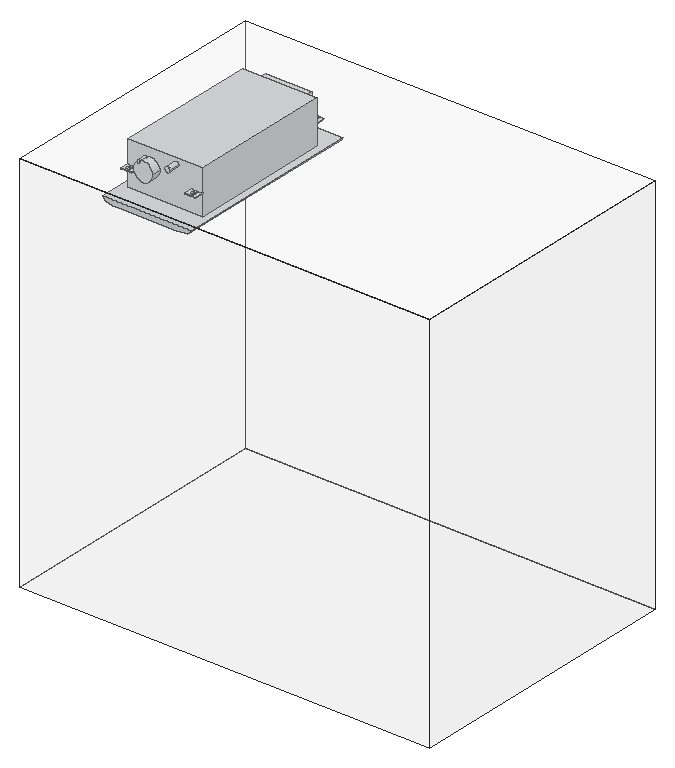
Revit family "pmfy-p22_45bmg7_50Hz", category 機械設備, Revit 2019
Family settings
  丸型コネクタ寸法 = 直径を使用
  パーツ タイプ = 標準
  OmniClass 番号 = 23.75.10.24.21.27.27
  OmniClass タイトル = Split System Air Conditioning Units
  作業面ベース = いいえ
  常に垂直 = はい
  ロード時にボイドで切り取り = いいえ
  共有 = いいえ
  部屋計算ポイント = はい
Parameters (values of type "天井1方向_PMFY-P22BMG7")
  風量_静 (m3/min) = 6.5
  風量_強 (m3/min) = 8.7
  風量_弱 (m3/min) = 7.2
  風量_中 (m3/min) = 8
  風量 = MAX風量  # 522.0 m³/h
  音響パワーレベル（静）(dB) = 43
  音響パワーレベル（強）(dB) = 50
  音響パワーレベル（弱）(dB) = 45
  音響パワーレベル（中）(dB) = 48
  電源種別 = ""
  電源_H = 0 mm
  電圧_電気ヒーター = 0 V
  電圧 = 200 V
  電動機出力_送風機 = 0.028 kW
  運転質量 = 0.00 kg
  連動 = ""
  質量 = if(製品質量 > 運転質量, 製品質量, 運転質量) * 1.2  # 20.40 kg
  負荷分類 = 3_ファン類
  構成品番 = "PMFY-P22BMG7"
  冷媒液管位置-Z = 96 mm
  冷媒液管位置-Y = 43 mm
  冷媒液管位置-X = 254 mm
  冷媒ガス管位置-Z = 176 mm
  冷媒ガス管位置-Y = 46 mm
  冷媒ガス管位置-X = 302 mm
  ドレン管径 (外径) = 26.00 mm
  ドレン管位置-Z = 198 mm
  ドレン管位置-Y = 56 mm
  ドレン管位置-X = 141 mm
  サービススペース = yes
  URL = "https://www.mitsubishielectric.co.jp/ldg/wink/ssl/displayProduct.do?pid=305430"
  Panel Width = 1000 mm
  Panel Height = 30 mm
  Panel Depth = 470 mm
  MIN２風量 = [風量_静 (m3/min)] * 60.0 m³/h  # 390.0 m³/h
  MIN風量 = [風量_弱 (m3/min)] * 60.0 m³/h  # 432.0 m³/h
  MID風量 = [風量_中 (m3/min)] * 60.0 m³/h  # 480.0 m³/h
  MAX風量 = [風量_強 (m3/min)] * 60.0 m³/h  # 522.0 m³/h
  説明 = "ビル用マルチエアコン 室内ユニット 1方向天井カセット形"
  設計暖房能力 = 0.00 kW
  設計冷房能力_顕熱 = 0.00 kW
  設計冷房能力 = 0.00 kW
  設置方法 = "カセット形"
  記号 = ""
  製造元 = "三菱電機株式会社"
  製品質量 = 17.00 kg
  製品出荷対象 = "国内"
  製品リリース年月 = "2021/07/22"
  製品グループ = ""
  系統 = ""
  符号 = "ACP-CK1"
  積算_科目 = "1 空気調和設備"
  積算_拾い区分 [instance] = ""
  相 = 1
  盤記号 = ""
  発停方法 = "付属スイッチ"
  特殊仕様 = ""
  火災停止 = ""
  消費電力_電気ヒーター = 0.00 kW
  消費電力_暖房 = 0.035 kW
  消費電力_加湿器 = 0.00 kW
  消費電力_冷房 = 0.035 kW
  消費電力 = if(消費電力_冷房 > 消費電力_暖房, 消費電力_冷房, 消費電力_暖房) + 消費電力_加湿器 + 消費電力_電気ヒーター  # 0.035 kW
  法定耐用年数 = "6"
  極数 = 1
  材質 = ""
  本体マテリアル = none
  有効加湿量 = 0
  暖房能力 = 2.50 kW
  推奨ブレーカー容量 = 15 A
  形式_加湿器 = ""
  形式 = "1方向天井カセット形"
  幹線記号 = ""
  始動方式 = "直入"
  呼称 = "パッケージ形空気調和機_室内機"
  周波数 = 50 Hz
  吊り位置Y = 811 mm
  吊り位置X = 340 mm
  吊りボルト_H = 110 mm
  台数_手元リモコン = ""
  台数_冷媒分岐ユニット = ""
  参照している仕様書等のバージョン = "公共建築工事標準仕様書（機械設備工事編）平成31年度版"
  加湿給水管径 = 0.00 mm
  分類コード = "50053003221010"
  分類グループ = ""
  冷房能力 = 2.20 kW
  冷媒高低圧ガス管径 = 0.00 mm
  冷媒管径符号 = "Ac"
  冷媒管径 = 100.00 mm
  冷媒液管径 = 6.35 mm
  冷媒ガス管径 = 12.70 mm
  企業コード = "108420"
  付属品_フィルター = ""
  付属品 = ""
  仕様書バージョン = "Version1.0"
  Model = ""
  パネルマテリアル = none
  ドレン管径 = 20.00 mm
  コメント [instance] = ""
  ケーブル種類 = ""
  ケーブルサイズ = 1.6 mm
  Width = 812 mm
  Version = ""
  Uniclass2015Version = "Systems v1.9"
  Uniclass2015Title = "Split coil remote air cooled condensing units"
  Uniclass2015Code = "Pr_70_65_03_84"
  SpecificationReference = ""
  SpecificationDescription = ""
  Revision = ""
  ProductInformation = ""
  OmniClassCode = "23-33 17 13 11"
  IfcTypeProduct = ""
  IfcProduct = ""
  IfcExportType = "AIRCONDITIONINGUNIT"
  IfcExportAs = "IfcUnitaryEquipmentType"
  Height = 230 mm
  Depth = 395 mm
  価格 = 0
  Clearance Top = 235 mm
  Clearance Right = 1500 mm
  Clearance Left = 200 mm
  Clearance Front = 300 mm
  Clearance Bottom = 1800 mm
  Clearance Back = 200 mm
  Author = "三菱電機株式会社"
Types (4, lengths in mm): name | 風量_静 (m3/min) | 風量_強 (m3/min) | 風量_弱 (m3/min) | 風量_中 (m3/min) | 風量 | 音響パワーレベル（静）(dB) | 音響パワーレベル（強）(dB) | 音響パワーレベル（弱）(dB) | 音響パワーレベル（中）(dB) | 構成品番 | URL | MIN２風量 | MIN風量 | MID風量 | MAX風量 | 消費電力_暖房 | 消費電力_冷房 | 消費電力 | 暖房能力 | 冷房能力
  天井1方向_PMFY-P22BMG7 | 6.5 | 8.7 | 7.2 | 8 | 522.0 m³/h | 43 | 50 | 45 | 48 | "PMFY-P22BMG7" | "https://www.mitsubishielectric.co.jp/ldg/wink/ssl/displayProduct.do?pid=305430" | 390.0 m³/h | 432.0 m³/h | 480.0 m³/h | 522.0 m³/h | 0.035 kW | 0.035 kW | 0.035 kW | 2.50 kW | 2.20 kW
  天井1方向_PMFY-P28BMG7 | 7.3 | 9.3 | 8 | 8.6 | 558.0 m³/h | 47 | 52 | 48 | 50 | "PMFY-P28BMG7" | "https://www.mitsubishielectric.co.jp/ldg/wink/ssl/displayProduct.do?pid=305431" | 438.0 m³/h | 480.0 m³/h | 516.0 m³/h | 558.0 m³/h | 0.037 kW | 0.037 kW | 0.037 kW | 3.20 kW | 2.80 kW
  天井1方向_PMFY-P36BMG7 | 7.3 | 9.3 | 8 | 8.6 | 558.0 m³/h | 47 | 52 | 48 | 50 | "PMFY-P36BMG7" | "https://www.mitsubishielectric.co.jp/ldg/wink/ssl/displayProduct.do?pid=305432" | 438.0 m³/h | 480.0 m³/h | 516.0 m³/h | 558.0 m³/h | 0.037 kW | 0.037 kW | 0.037 kW | 4.00 kW | 3.60 kW
  天井1方向_PMFY-P45BMG7 | 7.7 | 10.7 | 8.7 | 9.7 | 642.0 m³/h | 49 | 55 | 51 | 53 | "PMFY-P45BMG7" | "https://www.mitsubishielectric.co.jp/ldg/wink/ssl/displayProduct.do?pid=305433" | 462.0 m³/h | 522.0 m³/h | 582.0 m³/h | 642.0 m³/h | 0.045 kW | 0.045 kW | 0.045 kW | 5.00 kW | 4.50 kW
Reference planes
  plane 1 "中心(正面/背面)": y = 0
  plane 2: z = 0
  plane 3 "中心(左/右)": x = 0
  plane 4: x = -197.5
  plane 5: x = 197.5
  plane 6: z = 230
  plane 7: y = -379.5
  plane 8: y = 500
  plane 9: y = -500
  plane 10: y = 405.5
  plane 11: y = -405.5
  plane 12: x = -170
  plane 13: x = 170
  plane 14: y = 300
  plane 15: z = 110
  plane 16: y = 700
  plane 17: y = -800
  plane 18: x = 235
  plane 19: x = -235
  plane 20: x = 1735
  plane 21: x = -435
  plane 22: z = -1800
  plane 23: z = 235
  plane 24: z = -30
  plane 25: y = 432.5
  plane 26: x = 56.5
  plane 27: x = -56.5
  plane 28: x = -104.5
  plane 29: y = -422.5
  plane 30: y = -435.5
  plane 31: y = -425.5
  plane 32: z = 198
  plane 33: z = 176
  plane 34: z = 96
  plane 35: z = 150
  plane 36: x = 73.5
Dimensions and locks
  equal spacing: plane 4, plane 3 "中心(左/右)", plane 5
  "Depth": plane 4 to plane 5
  "Height": plane 6 to level
  equal spacing: plane 8, plane 1 "中心(正面/背面)", plane 9
  "Panel Width": plane 8 to plane 9
  equal spacing: plane 11, plane 1 "中心(正面/背面)", plane 10
  "吊り位置Y": plane 11 to plane 10
  equal spacing: plane 12, plane 3 "中心(左/右)", plane 13
  "吊り位置X": plane 12 to plane 13
  "Clearance Back": plane 16 to plane 8
  "Clearance Front": plane 9 to plane 17
  equal spacing: plane 19, plane 3 "中心(左/右)", plane 18
  "Panel Depth": plane 19 to plane 18
  "Clearance Left": plane 21 to plane 19
  "Clearance Bottom": level to plane 22
  "Clearance Top": plane 23 to level
  "Panel Height": level to plane 24
  "Width": plane 7 to plane 25
  "ドレン管位置-X": plane 26 to plane 5
  "冷媒液管位置-X": plane 27 to plane 5
  "冷媒ガス管位置-X": plane 28 to plane 5
  "冷媒液管位置-Y": plane 29 to plane 7
  "ドレン管位置-Y": plane 30 to plane 7
  "冷媒ガス管位置-Y": plane 7 to plane 31
  "ドレン管位置-Z": plane 32 to plane 2
  "冷媒ガス管位置-Z": plane 33 to plane 2
  "冷媒液管位置-Z": plane 34 to plane 2
  "Clearance Right": plane 18 to plane 20
  aligned and locked: level to plane 2
  aligned and locked: nested 2 to plane 12
  aligned and locked: plane 13 to nested 2
  aligned and locked: plane 10 to nested 2
  aligned and locked: plane 11 to nested 2  (x2)
  aligned and locked: nested 2 to plane 10
  aligned and locked: nested 2 to plane 13
  aligned and locked: plane 12 to nested 2
  aligned and locked: nested 3 to plane 16
  aligned and locked: plane 17 to nested 3
  aligned and locked: plane 20 to nested 3
  aligned and locked: nested 3 to plane 21
  aligned and locked: plane 23 to nested 3
  aligned and locked: plane 22 to nested 3
Nested families
  nested 1: "PMFY-P○○BMG7" at (0, 0, 0), type "PMFY-P○○BMG7"
    with ユニット表示 yes
  nested 2: "固定点" at (-170, -405.5, 110), type "固定点"
    with W 340 mm, D 811 mm
  nested 3: "サービススペース" at (650, -50, -782.5), visible <- "サービススペース", type "サービススペース"
    with Width 2170 mm, Height 2035 mm, Depth 1500 mm
Connectors
  electrical at (73.5, 431.602, 150), driven by "極数", driven by "負荷分類", driven by "電圧", driven by "消費電力"
    settings: on nested 1, index 1, voltage 200 V, apparent load 35 VA, apparent load phase1 0 VA, apparent load phase2 0 VA, apparent load phase3 0 VA, power factor 1, load classification "3_ファン類", number of poles 1, system type 30, power factor state 1, is connector primary yes, connector utility no, sub classification motor no, connector description ""
  piping at (-80.5, -425.5, 136), diameter 100, driven by "冷媒管径", driven by "冷媒管径符号"
    settings: on nested 1, index 2, connector inside diameter 609.60 mm, connector length 0 mm, flow factor 0, pipe flow 0.0 L/s, pressure drop 0.0 Pa, fitting loss kfactor 0, connector angle 0.00°, fixture units 0, engagement length 0 mm, angle of deflection 0.00°, flow configuration 1, flow direction 1, fitting loss method 4, system type 7, joint type 0, gender type 0, connector reference index -1, connector utility 0, adjustable connector no, is connector primary yes, connector description "Ac"
  piping at (56.5, -435.5, 198), diameter 26, driven by "ドレン管径 (外径)"
    settings: on nested 1, index 3, connector inside diameter 609.60 mm, connector length 0 mm, flow factor 0, pipe flow 0.0 L/s, pressure drop 0.0 Pa, fitting loss kfactor 0, connector angle 0.00°, fixture units 0, engagement length 0 mm, angle of deflection 0.00°, flow configuration 1, flow direction 2, fitting loss method 4, system type 16, joint type 0, gender type 0, connector reference index -1, connector utility 0, adjustable connector no, is connector primary no, connector description ""
Definition of nested family "PMFY-P○○BMG7"
  Parameters (values of type "PMFY-P○○BMG7")
    配線取出口サイズ = 30 mm
    電線用ノックアウト穴Z = 150 mm
    電線用ノックアウト穴X = 124 mm
    液配管サイズ = 6.35 mm
    冷媒ガス管位置-Z = 176 mm
    パネル外形-X = 470 mm
    パネル外形-Y = 幅さ + 188 mm  # 1000 mm
    高さ = 230 mm
    奥行き = 395 mm
    吊りボルト_H = 110 mm
    冷媒配管 = 100 mm
    冷媒液管位置-Z = 96 mm
    冷媒液管位置-Y = 43 mm
    冷媒液管位置-X = 254 mm
    冷媒ガス管位置-Y = 46 mm
    冷媒ガス管位置-X = 302 mm
    ユニット表示 [instance] = yes
    ボルトピッチ = 340 mm
    ドレン配管サイズ = 20 mm
    ドレン管位置-Z = 198 mm
    ドレン管位置-Y = 56 mm
    ドレン管位置-X = 141 mm
    ドレン管径 (外径) = 26 mm
    ガス配管サイズ = 12.7 mm
    D = 811 mm
    幅さ = 812 mm
  Reference planes
    plane 1 "中心(正面/背面)": y = 0
    plane 2: z = 0
    plane 3 "中心(左/右)": x = 0
    plane 4: y = 500
    plane 5: y = 379.5
    plane 6: y = -500
    plane 7: x = -235
    plane 8: x = 235
    plane 9: x = -197.5
    plane 10: x = 197.5
    plane 11: y = 432.5
    plane 12: y = -379.5
    plane 13: z = 230
    plane 14: y = 405.5
    plane 15: y = -405.5
    plane 16: x = -170
    plane 17: x = 170
    plane 18: z = 110
    plane 19: z = 111
    plane 20: z = 109
    plane 21: y = -435.5
    plane 22: x = 56.5
    plane 23: z = 198
    plane 24: x = -104.5
    plane 25: x = -56.5
    plane 26: y = -422.5
    plane 27: y = -425.5
    plane 28: z = 176
    plane 29: z = 96
    plane 30: x = 73.5
    plane 31: z = 150
    plane 32: y = 425.5
  Forms (mm)
    Extrusion 1, void
      sketch origin (0, 0, -30) x (0, -1, 0) y (1, 0, 0)
        loop
          line (-500, 195) -> (-290, 195) -> (-290, 125)
          arc (-290, 125) -> (-287.071, 117.929) -> (-280, 115) r 10
          line (-280, 115) -> (280, 115)
          arc (280, 115) -> (287.071, 117.929) -> (290, 125) r 10
          line (290, 125) -> (290, 195) -> (497.5, 195) -> (500, 197.5) -> (-500, 197.5) -> (-500, 195)
      from 0 to 8
    Extrusion 2, solid, visible <- "ユニット表示", detail levels fine
      sketch origin (0, 0, -30) x (0, -1, 0) y (1, 0, 0)
        loop
          line (-280, 129.824) -> (280, 129.824) -> (280, 189.824) -> (-280, 189.824) -> (-280, 129.824)
      from 0 to 8
    Extrusion 3, solid, visible <- "ユニット表示", detail levels fine
      sketch origin (0, 0, 0) x (1, 0, 0) y (0, 1, 0)
        loop
          line (-197.5, 379.5) -> (-197.5, -379.5) -> (197.5, -379.5) -> (197.5, 379.5) -> (-197.5, 379.5)
      from 0 to 230
    Extrusion 4, solid, visible <- "ユニット表示", detail levels fine
      sketch origin (0, 0, 0) x (1, 0, 0) y (0, 0, 1)
        loop
          circle (-80.5, 136) r 50
      from 379.5 to 425.5
    Extrusion 5, solid, visible <- "ユニット表示", detail levels fine
      sketch origin (0, 0, 0) x (1, 0, 0) y (0, 0, 1)
        loop
          circle (-104.5, 176) r 6.35
      from 425.5 to 379.5
    Extrusion 6, solid, visible <- "ユニット表示", detail levels fine
      sketch origin (0, 0, 0) x (1, 0, 0) y (0, 0, 1)
        loop
          circle (-56.5, 96) r 3.175
      from 422.5 to 379.5
    Extrusion 7, solid, visible <- "ユニット表示", detail levels fine
      sketch origin (0, 0, 0) x (1, 0, 0) y (0, 0, 1)
        loop
          circle (73.5, 150) r 15
      from -432.5 to -431.602
    Extrusion 8, solid, visible <- "ユニット表示", detail levels fine
      sketch origin (0, 0, 0) x (1, 0, 0) y (0, 0, 1)
        loop
          circle (56.5, 198) r 13
      from 379.5 to 435.5
    Extrusion 9, solid, visible <- "ユニット表示", detail levels fine
      sketch origin (0, 0, 0) x (1, 0, 0) y (0, 1, 0)
        loop
          line (-142, -425.5) -> (-142, -379.5) -> (-198, -379.5) -> (-198, -425.5) -> (-174, -425.5) -> (-174, -415.5)
          arc (-174, -415.5) -> (-183.963, -405.481) -> (-173.963, -395.5) r 10
          line (-173.963, -395.5) -> (-166.009, -395.5)
          arc (-166.009, -395.5) -> (-156.009, -405.496) -> (-166, -415.5) r 10
          line (-166, -415.5) -> (-166, -425.5) -> (-142, -425.5)
        loop
          line (142, -379.5) -> (142, -425.5) -> (166, -425.5) -> (166, -415.5)
          arc (166, -415.5) -> (156.009, -405.496) -> (166.009, -395.5) r 10
          line (166.009, -395.5) -> (173.963, -395.5)
          arc (173.963, -395.5) -> (183.963, -405.481) -> (174, -415.5) r 10
          line (174, -415.5) -> (174, -425.5) -> (198, -425.5) -> (198, -379.5) -> (142, -379.5)
        loop
          line (-142, 379.5) -> (-142, 425.5) -> (-166, 425.5) -> (-166, 415.5)
          arc (-166, 415.5) -> (-156.009, 405.496) -> (-166.009, 395.5) r 10
          line (-166.009, 395.5) -> (-173.963, 395.5)
          arc (-173.963, 395.5) -> (-183.963, 405.481) -> (-174, 415.5) r 10
          line (-174, 415.5) -> (-174, 425.5) -> (-198, 425.5) -> (-198, 379.5) -> (-142, 379.5)
        loop
          line (142, 425.5) -> (142, 379.5) -> (198, 379.5) -> (198, 425.5) -> (174, 425.5) -> (174, 415.5)
          arc (174, 415.5) -> (183.963, 405.481) -> (173.963, 395.5) r 10
          line (173.963, 395.5) -> (166.009, 395.5)
          arc (166.009, 395.5) -> (156.009, 405.496) -> (166, 415.5) r 10
          line (166, 415.5) -> (166, 425.5) -> (142, 425.5)
      from 109 to 111
    Extrusion 10, solid, visible <- "ユニット表示", detail levels fine
      sketch origin (0, 0, 0) x (1, 0, 0) y (0, 0, 1)
        loop
          line (-149.931, -30) -> (158.916, -30)
          arc (158.916, -30) -> (178.298, -28.765) -> (197.5, -25.851) r 223.291
          arc (197.5, -25.851) -> (205.218, -24.191) -> (212.873, -22.259) r 223.291
          arc (212.873, -22.259) -> (224.339, -16.257) -> (232.21, -5.984) r 30
          line (232.21, -5.984) -> (235, 0) -> (-235, 0) -> (-232.21, -5.984)
          arc (-232.21, -5.984) -> (-224.339, -16.257) -> (-212.873, -22.259) r 30
          arc (-212.873, -22.259) -> (-181.678, -28.376) -> (-149.931, -30) r 223.291
      from -500 to 500
    Extrusion 11, solid, visible <- "ユニット表示", detail levels fine
      sketch origin (0, 0, 0) x (1, 0, 0) y (0, 0, 1)
        loop
          line (-118.5, 210) -> (-118.5, 0) -> (128.5, 0) -> (128.5, 210) -> (-118.5, 210)
      from -432.5 to -379.5
  Cuts and joins
    Extrusion 1 cuts Extrusion 10
  Lines and regions (mm)
    model lines, visible <- "ユニット表示", detail levels fine
      curve 1: line (115, -280, -30) -> (115, 0, -30)
      curve 2: line (95, -500, -30) -> (95, 500, -30)
      curve 3: line (80, 500, -30) -> (80, -500, -30)
      curve 4: line (65, 500, -30) -> (65, -500, -30)
      curve 5: line (50, 500, -30) -> (50, -500, -30)
      curve 6: line (35, 500, -30) -> (35, -500, -30)
      curve 7: line (20, 500, -30) -> (20, -500, -30)
      curve 8: line (-134.931, -500, -30) -> (-134.931, 500, -30)
      curve 9: line (-119.931, -500, -30) -> (-119.931, 500, -30)
      curve 10: line (-104.931, -500, -30) -> (-104.931, 500, -30)
      curve 11: line (-119.931, 500, -30) -> (-119.931, -500, -30)
      curve 12: line (-89.931, -500, -30) -> (-89.931, 500, -30)
      curve 13: line (-74.931, -500, -30) -> (-74.931, 500, -30)
    symbolic lines, detail levels coarse+medium
      curve 14: line (-235, 500, 0) -> (235, 500, 0)
      curve 15: line (-235, -500, 0) -> (-235, 500, 0)
      curve 16: line (235, -500, 0) -> (-235, -500, 0)
      curve 17: line (235, 500, 0) -> (235, -500, 0)
  Dimensions and locks
    equal spacing: plane 4, plane 1 "中心(正面/背面)", plane 6
    "パネル外形-Y": plane 4 to plane 6
    equal spacing: plane 9, plane 3 "中心(左/右)", plane 10
    "奥行き": plane 9 to plane 10
    "パネル外形-X": plane 7 to plane 8
    "幅さ": plane 11 to plane 12
    "高さ": plane 13 to level
    equal spacing: plane 14, plane 1 "中心(正面/背面)", plane 15
    "D": plane 14 to plane 15
    "吊りボルト_H": level to plane 18
    plane 20 to plane 19 = 2 mm
    plane 14 to plane 5 = 26 mm
    plane 12 to plane 15 = 26 mm
    equal spacing: plane 16, plane 3 "中心(左/右)", plane 17
    "ボルトピッチ": plane 16 to plane 17
    "ドレン管位置-Y": plane 12 to plane 21
    "ドレン管位置-X": plane 22 to plane 10
    "ドレン管位置-Z": plane 23 to level
    "冷媒ガス管位置-X": plane 24 to plane 10
    "冷媒液管位置-X": plane 25 to plane 10
    "冷媒ガス管位置-Y": plane 12 to plane 27
    "冷媒液管位置-Y": plane 12 to plane 26
    "冷媒ガス管位置-Z": plane 28 to level
    plane 19 to plane 20 = 2 mm
    "電線用ノックアウト穴Z": level to plane 31
    "冷媒液管位置-Z": plane 29 to level
    "電線用ノックアウト穴X": plane 30 to plane 10
    plane 5 to plane 12 = 759 mm
    plane 32 to plane 14 = 20 mm
    plane 15 to plane 27 = 20 mm
    aligned and locked: level to plane 2
    aligned and locked: curve 17 to plane 8
    aligned and locked: plane 7 to curve 15
    aligned and locked: plane 13 to Extrusion 3
    aligned and locked: Extrusion 3 to plane 9
    aligned and locked: Extrusion 3 to plane 10
  Automatic sketch dimensions
    curve 8 to curve 9 = 15 mm
    curve 11 to curve 9 = 0 mm
    curve 9 to curve 10 = 15 mm
    curve 10 to curve 12 = 15 mm
    curve 12 to curve 13 = 15 mm
    curve 13 to curve 7 = 94.931 mm
    curve 7 to curve 6 = 15 mm
    curve 6 to curve 5 = 15 mm
    curve 5 to curve 4 = 15 mm
    curve 4 to curve 3 = 15 mm
    curve 3 to curve 2 = 15 mm
    Extrusion 1 sketch curve to plane 4 = 0 mm
    Extrusion 1 sketch curve to plane 6 = 0 mm
    Extrusion 1 sketch curve to plane 5 = 89.5 mm
    Extrusion 1 sketch curve to Extrusion 1 sketch curve = 10 mm  (x2)
    plane 6 to Extrusion 1 sketch curve = 2.5 mm
    plane 3 "中心(左/右)" to Extrusion 1 sketch curve = 115 mm
    Extrusion 1 sketch curve to Extrusion 1 sketch curve = 70 mm  (x2)
    Extrusion 1 sketch curve to Extrusion 1 sketch curve = 2.5 mm
    Extrusion 2 sketch curve to plane 5 = 99.5 mm
    plane 3 "中心(左/右)" to Extrusion 2 sketch curve = 129.824 mm
    Extrusion 2 sketch curve to Extrusion 2 sketch curve = 60 mm
    plane 6 to Extrusion 1 sketch curve = 220 mm
    plane 6 to Extrusion 2 sketch curve = 220 mm
    curve 16 to plane 6 = 0 mm
    curve 15 to plane 4 = 0 mm
    Extrusion 3 sketch curve to plane 9 = 0 mm
    Extrusion 3 sketch curve to plane 12 = 0 mm
    Extrusion 3 sketch curve to plane 5 = 0 mm
    Extrusion 3 sketch curve to plane 17 = 27.5 mm
    Extrusion 4 sketch curve to plane 24 = 24 mm
    Extrusion 4 sketch curve to plane 31 = 14 mm
    plane 24 to Extrusion 5 sketch curve = 0 mm
    Extrusion 5 sketch curve to plane 28 = 0 mm
    plane 25 to Extrusion 6 sketch curve = 0 mm
    Extrusion 6 sketch curve to plane 29 = 0 mm
    plane 30 to Extrusion 7 sketch curve = 0 mm
    Extrusion 7 sketch curve to plane 31 = 0 mm
    plane 22 to Extrusion 8 sketch curve = 0 mm
    Extrusion 8 sketch curve to plane 23 = 0 mm
    Extrusion 9 sketch curve to plane 27 = 0 mm  (x4)
    Extrusion 9 sketch curve to plane 12 = 0 mm  (x2)
    Extrusion 9 sketch curve to plane 15 = 0 mm  (x4)
    Extrusion 9 sketch curve to plane 9 = 0.5 mm  (x2)
    Extrusion 9 sketch curve to plane 16 = 4 mm  (x2)
    Extrusion 9 sketch curve to plane 16 = 3.963 mm  (x2)
    plane 16 to Extrusion 9 sketch curve = 3.991 mm  (x2)
    plane 16 to Extrusion 9 sketch curve = 4 mm  (x2)
    plane 16 to Extrusion 9 sketch curve = 28 mm  (x2)
    plane 26 to Extrusion 9 sketch curve = 7 mm  (x2)
    plane 17 to Extrusion 9 sketch curve = 28 mm  (x2)
    plane 17 to Extrusion 9 sketch curve = 4 mm  (x2)
    plane 17 to Extrusion 9 sketch curve = 3.991 mm  (x2)
    Extrusion 9 sketch curve to plane 17 = 3.963 mm  (x2)
    Extrusion 9 sketch curve to plane 17 = 4 mm  (x2)
    Extrusion 9 sketch curve to plane 10 = 0.5 mm  (x2)
    Extrusion 9 sketch curve to plane 32 = 0 mm  (x4)
    Extrusion 9 sketch curve to plane 5 = 0 mm  (x2)
    Extrusion 9 sketch curve to plane 14 = 0 mm  (x4)
    Extrusion 9 sketch curve to plane 14 = 10 mm  (x2)
    Extrusion 10 sketch curve to Extrusion 10 sketch curve = 0 mm  (x2)
    Extrusion 10 sketch curve to level = 0 mm
    Extrusion 10 sketch curve to plane 7 = 0 mm
    plane 10 to Extrusion 10 sketch curve = 0 mm
    Extrusion 10 sketch curve to plane 8 = 0 mm
    plane 7 to Extrusion 10 sketch curve = 2.79 mm
    Extrusion 10 sketch curve to plane 9 = 7.52 mm
    Extrusion 10 sketch curve to plane 23 = 4.754 mm  (x2)
    plane 16 to Extrusion 10 sketch curve = 15.576 mm
    plane 16 to Extrusion 10 sketch curve = 20.069 mm
    plane 17 to Extrusion 10 sketch curve = 15.576 mm
    plane 17 to Extrusion 10 sketch curve = 11.084 mm
    Extrusion 10 sketch curve to plane 10 = 7.52 mm
    Extrusion 10 sketch curve to plane 8 = 2.79 mm
    Extrusion 10 sketch curve to level = 5.984 mm  (x2)
    Extrusion 10 sketch curve to level = 30 mm
    level to Extrusion 10 sketch curve = 6.695 mm  (x2)
    curve 13 to plane 4 = 0 mm
    curve 8 to plane 4 = 0 mm
    curve 12 to plane 4 = 0 mm
    curve 2 to plane 4 = 0 mm
    curve 3 to plane 4 = 0 mm
    curve 11 to plane 4 = 0 mm
    curve 4 to plane 4 = 0 mm
    curve 10 to plane 4 = 0 mm
    curve 5 to plane 4 = 0 mm
    curve 9 to plane 4 = 0 mm
    curve 6 to plane 4 = 0 mm
    curve 7 to plane 4 = 0 mm
    plane 1 "中心(正面/背面)" to curve 1 = 0 mm
    curve 8 to plane 6 = 0 mm
    curve 6 to plane 6 = 0 mm
    curve 9 to plane 6 = 0 mm
    curve 5 to plane 6 = 0 mm
    curve 10 to plane 6 = 0 mm
    curve 4 to plane 6 = 0 mm
    curve 3 to plane 6 = 0 mm
    curve 11 to plane 6 = 0 mm
    curve 12 to plane 6 = 0 mm
    curve 2 to plane 6 = 0 mm
    curve 13 to plane 6 = 0 mm
    curve 7 to plane 6 = 0 mm
    plane 24 to curve 8 = 30.431 mm
    curve 1 to plane 30 = 41.5 mm
    plane 12 to curve 1 = 99.5 mm
    Extrusion 11 sketch curve to level = 0 mm
    plane 24 to Extrusion 11 sketch curve = 14 mm
    plane 17 to Extrusion 11 sketch curve = 41.5 mm
    plane 23 to Extrusion 11 sketch curve = 12 mm
    radius of Extrusion 4 sketch curve = 50 mm
    radius of Extrusion 5 sketch curve = 6.35 mm
    radius of Extrusion 6 sketch curve = 3.175 mm
    radius of Extrusion 7 sketch curve = 15 mm
    radius of Extrusion 8 sketch curve = 13 mm
Definition of nested family "サービススペース"
  Parameters
    Width [instance] = 500 mm
    Height [instance] = 500 mm
    Depth [instance] = 500 mm
  Reference planes
    plane 1 "中心(正面/背面)": y = 0
    plane 2: z = 0
    plane 3 "中心(左/右)": x = 0
    plane 4: y = -250
    plane 5: x = 250
    plane 6: y = 250
    plane 7: x = -250
    plane 8: z = 250
    plane 9: z = -250
  Forms (mm)
    Extrusion 1, solid
      sketch origin (-638.939, 0, 72.39) x (1, 0, 0) y (0, 1, 0)
        loop
          line (388.939, 250) -> (388.939, -250) -> (888.939, -250) -> (888.939, 250) -> (388.939, 250)
      from -322.39 to 177.61
  Lines and regions (mm)
    symbolic lines
      curve 1: line (-250, 0, 250) -> (250, 0, 250)
      curve 2: line (-250, 0, -250) -> (-250, 0, 250)
      curve 3: line (250, 0, -250) -> (-250, 0, -250)
      curve 4: line (250, 0, 250) -> (250, 0, -250)
      curve 5: line (0, -250, 250) -> (0, 250, 250)
      curve 6: line (0, -250, -250) -> (0, -250, 250)
      curve 7: line (0, 250, -250) -> (0, -250, -250)
      curve 8: line (0, 250, 250) -> (0, 250, -250)
      curve 9: line (-250, 250, 0) -> (250, 250, 0)
      curve 10: line (-250, -250, 0) -> (-250, 250, 0)
      curve 11: line (250, -250, 0) -> (-250, -250, 0)
      curve 12: line (250, 250, 0) -> (250, -250, 0)
  Dimensions and locks
    equal spacing: plane 7, plane 3 "中心(左/右)", plane 5
    equal spacing: plane 4, plane 1 "中心(正面/背面)", plane 6
    "Depth": plane 4 to plane 6
    "Width": plane 7 to plane 5
    equal spacing: plane 8, plane 2, plane 9
    "Height": plane 8 to plane 9
    aligned and locked: plane 9 to curve 3
    aligned and locked: plane 7 to curve 2
    aligned and locked: curve 4 to plane 5
    aligned and locked: plane 5 to Extrusion 1
    aligned and locked: Extrusion 1 to plane 7
    aligned and locked: Extrusion 1 to plane 9
    aligned and locked: plane 8 to Extrusion 1
    aligned and locked: plane 9 to curve 7
  Automatic sketch dimensions
    plane 4 to Extrusion 1 sketch curve = 0 mm
    Extrusion 1 sketch curve to plane 7 = 0 mm
    Extrusion 1 sketch curve to plane 5 = 0 mm
    plane 6 to Extrusion 1 sketch curve = 0 mm
    curve 2 to plane 8 = 0 mm
    plane 4 to curve 11 = 0 mm
    curve 11 to plane 7 = 0 mm
    curve 11 to plane 5 = 0 mm
    plane 6 to curve 10 = 0 mm
    curve 7 to plane 4 = 0 mm
    curve 7 to plane 6 = 0 mm
    curve 6 to plane 8 = 0 mm
Definition of nested family "固定点"
  Parameters (values of type "固定点")
    中心円 = 20 mm
    W [instance] = 1000 mm
    D [instance] = 1000 mm
  Reference planes
    plane 1 "中心(正面/背面)": y = 0
    plane 2: z = 0
    plane 3 "中心(左/右)": x = 0
    plane 4: x = 1000
    plane 5: y = 1000
  Lines and regions (mm)
    symbolic lines, detail levels fine
      curve 1: line (-200, 1000, 0) -> (1200, 1000, 0)
      curve 2: line (-200, 0, 0) -> (1200, 0, 0)
      curve 3: line (0, 1200, 0) -> (0, -200, 0)
      curve 4: line (1000, 1200, 0) -> (1000, -200, 0)
    model lines, detail levels fine
      curve 5: circle (0, 1000, 0) r 10 normal (0, 0, 1)
      curve 6: circle (1000, 1000, 0) r 10 normal (0, 0, 1)
      curve 7: circle (1000, 0, 0) r 10 normal (0, 0, 1)
      curve 8: circle (0, 0, 0) r 10 normal (0, 0, 1)
  Dimensions and locks
    "W": plane 3 "中心(左/右)" to plane 4
    "D": plane 1 "中心(正面/背面)" to plane 5
    "中心円": diameter of curve 5
    "中心円": diameter of curve 8
    "中心円": diameter of curve 7
    "中心円": diameter of curve 6
    aligned and locked: level to plane 2
    aligned and locked: plane 1 "中心(正面/背面)" to curve 2
    aligned and locked: curve 3 to plane 3 "中心(左/右)"
    aligned and locked: curve 4 to plane 4
  Automatic sketch dimensions
    curve 1 to plane 5 = 0 mm
    curve 5 to plane 3 "中心(左/右)" = 0 mm
    plane 1 "中心(正面/背面)" to curve 8 = 0 mm
    curve 8 to plane 3 "中心(左/右)" = 0 mm
    plane 1 "中心(正面/背面)" to curve 7 = 0 mm
    curve 7 to plane 4 = 0 mm
    curve 6 to plane 4 = 0 mm
    curve 5 to plane 5 = 0 mm
    curve 6 to plane 5 = 0 mm
    curve 1 to plane 3 "中心(左/右)" = 200 mm
    curve 2 to plane 3 "中心(左/右)" = 200 mm
    curve 6 to curve 1 = 200 mm
    curve 7 to curve 2 = 200 mm
    plane 1 "中心(正面/背面)" to curve 3 = 200 mm
    plane 1 "中心(正面/背面)" to curve 4 = 200 mm
    curve 6 to curve 4 = 200 mm
    curve 5 to curve 3 = 200 mm
